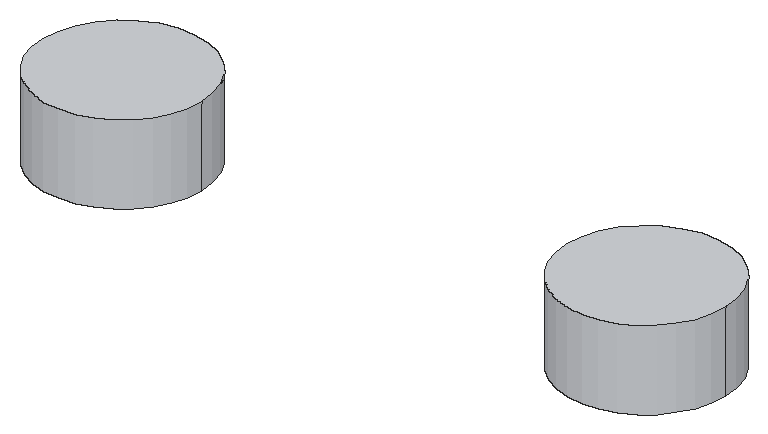
Revit family "EAK_001_BIM", category Allgemeines Modell, Revit 2018
Family settings
  Kann Basisbauteil für Bewehrung sein = Nein
  Bemaßung runder Anschluss = Durchmesser verwenden
  Teiletyp = Normal
  Arbeitsebenenbasiert = Nein
  Immer vertikal = Ja
  Beim Laden mit Abzugskörper schneiden = Nein
  Gemeinsam genutzt = Nein
  Raumberechnungspunkt = Nein
Parameters (values of type "Norm")
  Verbindung_2_Durchmesser = 0 mm
  Verbindung_1_Durchmesser = 0 mm
  URL = "https://www.clage.de/de/Produkte/Zubehoer/Drucklose_Armaturen_fuer_Handwaschbecken"
  Modell = "EAK"
  Hersteller = "Clage GmbH"
  Beschreibung = "Drucklose Armatur"
Reference planes
  plane 1 "Mitte (Vorne/Hinten)": y = 0
  plane 2: z = 0
  plane 3 "Mitte (Links/Rechts)": x = 0
Forms (mm)
  Extrusion 1, solid
    sketch origin (-10, 0, -10) x (0, 1, 0) y (1, 0, 0)
      loop
        circle (0, 0) r 3.048
    from 0 to -3.048
  Extrusion 2, solid
    sketch origin (10, 0, -10) x (0, 1, 0) y (1, 0, 0)
      loop
        circle (0, 0) r 3.048
    from 0 to -3.048
Dimensions and locks
  aligned and locked: level to plane 2
Connectors
  piping at (-10, 0, -10), driven by "Verbindung_1_Durchmesser"
    settings: on Extrusion 1, index 1, connector diameter 0 mm, connector inside diameter 609.6 mm, connector length 0 mm, flow factor 0, pipe flow 0.0 L/s, pressure drop 0.0 Pa, fitting loss kfactor 0, connector angle 0.00°, fixture units 0, engagement length 0 mm, angle of deflection 0.00°, flow configuration 1, flow direction 1, fitting loss method 0, system type 20, joint type 0, gender type 0, connector reference index -1, connector utility 0, adjustable connector no, is connector primary yes, connector description ""
  piping at (10, 0, -10), driven by "Verbindung_2_Durchmesser"
    settings: on Extrusion 2, index 2, connector diameter 0 mm, connector inside diameter 609.6 mm, connector length 0 mm, flow factor 0, pipe flow 0.0 L/s, pressure drop 0.0 Pa, fitting loss kfactor 0, connector angle 0.00°, fixture units 0, engagement length 0 mm, angle of deflection 0.00°, flow configuration 1, flow direction 1, fitting loss method 0, system type 19, joint type 0, gender type 0, connector reference index -1, connector utility 0, adjustable connector no, is connector primary no, connector description ""
